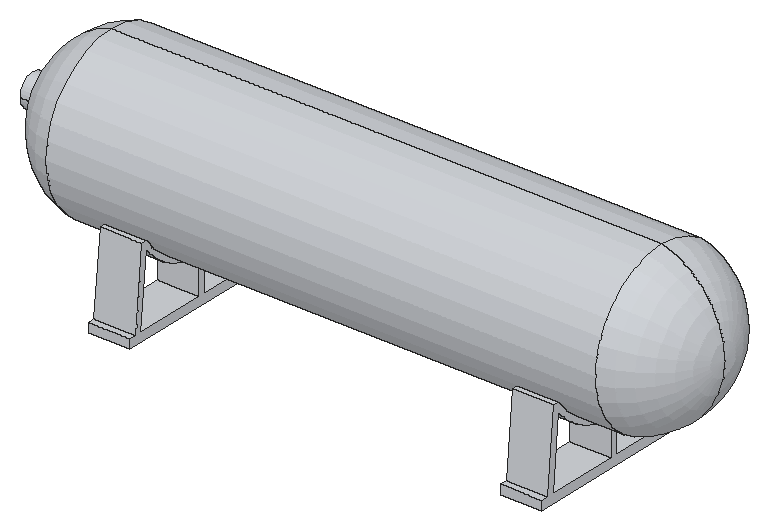
Revit family "c4518d3c72a142fa8a1d8c1f7368ae34", category Mechanical Equipment, Revit 2021
Family settings
  Round Connector Dimension = Use Radius
  Part Type = Normal
  OmniClass Number = 23.75.70.11.14
  OmniClass Title = Expansion Vessels
  Seek Item ID = Expansion Tank - Freestanding - Horizontal-0000-USA-ENU
  Work Plane-Based = No
  Always vertical = Yes
  Cut with Voids When Loaded = No
  Shared = No
  Room Calculation Point = No
Parameters (values of type "70 Gallon")
  Tank Radius = Tank Diameter / 2  # 0' - 9"
  Tank Length = 6' - 1 3/4"
  Tank Diameter = 1' - 6"
  Radius = Tank Radius + 0' 0 5/8"  # 0' - 9 5/8"
  Nominal Radius = 1 3/4"
  Nominal Diameter = Nominal Radius * 2  # 3 1/2"
  Length 5 = 0' - 8 1/8"
  Length 4 = 0' - 9"
  Length 3 = 0' - 9 3/4"
  Length 2 = 1' - 10 1/2"
  Length 1 = 5' - 0"
  Height 1 = 0' - 5 5/8"
  Freestanding Horizontal Expansion Tank Material = none
  Flow [instance] = 0 GPM
  Default Elevation = 0' - 0"
Types (5): name | Tank Radius | Tank Length | Tank Diameter | Radius | Length 5 | Length 4 | Length 3 | Length 2 | Length 1 | Height 1
  (no name) | 0' - 9" | 6' - 1 3/4" | 1' - 6" | 0' - 9 5/8" | 0' - 8 1/8" | 0' - 9" | 0' - 9 3/4" | 1' - 10 1/2" | 5' - 0" | 0' - 5 5/8"
  70 Gallon | 0' - 9" | 6' - 1 3/4" | 1' - 6" | 0' - 9 5/8" | 0' - 8 1/8" | 0' - 9" | 0' - 9 3/4" | 1' - 10 1/2" | 5' - 0" | 0' - 5 5/8"
  120 Gallon | 1' - 0" | 5' - 4 3/4" | 2' - 0" | 1' - 0 5/8" | 0' - 10 7/8" | 1' - 0" | 1' - 1 1/4" | 1' - 3 1/2" | 3' - 11" | 0' - 7 1/2"
  190 Gallon | 1' - 3" | 5' - 7 3/4" | 2' - 6" | 1' - 3 5/8" | 1' - 1 1/2" | 1' - 3" | 1' - 4 1/4" | 1' - 2 1/2" | 3' - 10" | 0' - 9 3/8"
  275 Gallon | 1' - 6" | 5' - 10 3/4" | 3' - 0" | 1' - 6 5/8" | 1' - 4 1/4" | 1' - 6" | 1' - 7 1/2" | 1' - 3 1/2" | 3' - 9" | 0' - 11 1/4"
Reference planes (in)
  plane 1 "Center (Front/Back)": y = 0
  plane 2: z = 0
  plane 3 "Center (Left/Right)": x = 0
  plane 4: z = 1
  plane 5: y = 9.75
  plane 6: y = -9.75
  plane 7: x = -22.5
  plane 8: x = 22.5
  plane 9: x = -24.75
  plane 10: x = -20.25
  plane 11: x = 14.70897
  plane 12: x = 24.75
  plane 13: x = 20.25
  plane 14: y = 8.125
  plane 15: y = -8.125
  plane 16: y = 9
  plane 17: y = -9
  plane 18: y = 8.375
  plane 19: y = 7.5
  plane 20: y = -7.5
  plane 21: y = -8.375
  plane 22: z = 5.625
  plane 23: z = 14.625
  plane 24: x = -36.875
  plane 25: x = 36.875
  plane 26: x = -30
  plane 27: x = 18.875
  plane 28: x = 30
  plane 29: z = 23.625
  plane 30: y = 0.3125
  plane 31: y = -0.3125
  plane 32: x = -38.625
Forms (in)
  Extrusion 1, solid, material <- "Freestanding Horizontal Expansion Tank Material"
    sketch origin (0, 0, 0) x (0, 1, 0) y (0, 0, 1)
      loop
        line (9.75, 1) -> (-9.75, 1) -> (-9.75, 0) -> (9.75, 0) -> (9.75, 1)
    from -24.75 to -20.25
  Extrusion 2, solid, material <- "Freestanding Horizontal Expansion Tank Material"
    sketch origin (0, 0, 0) x (0, 1, 0) y (0, 0, 1)
      loop
        line (9.75, 1) -> (-9.75, 1) -> (-9.75, 0) -> (9.75, 0) -> (9.75, 1)
    from 20.25 to 24.75
  Revolve 3, solid, material <- "Freestanding Horizontal Expansion Tank Material"
    sketch origin (0, 0, 0) x (1, 0, 0) y (0, 0, 1)
      loop
        line (-30, 5.625) -> (30, 5.625)
        arc (30, 5.625) -> (34.95961, 8.96228) -> (36.875, 14.625) r 9.32841
        line (36.875, 14.625) -> (-36.875, 14.625)
        arc (-36.875, 14.625) -> (-34.95961, 8.96228) -> (-30, 5.625) r 9.32841
      axis (-36.875, 14.625) -> (36.875, 14.625)
    angle from 0 to 360
  Extrusion 4, solid, material <- "Freestanding Horizontal Expansion Tank Material"
    sketch origin (0, 0, 0) x (0, 1, 0) y (0, 0, 1)
      loop
        arc (0.3125, 5.00514) -> (4.35797, 6.04319) -> (7.58286, 8.69713) r 9.62494
        line (7.58286, 8.69713) -> (8.375, 1) -> (9, 1) -> (8.125, 9.60382) -> (7.40471, 9.60382)
        arc (7.40471, 9.60382) -> (0, 5.67838) -> (-7.40471, 9.60382) r 8.94662
        line (-7.40471, 9.60382) -> (-8.125, 9.60382) -> (-9, 1) -> (-8.375, 1) -> (-7.58286, 8.69713)
        arc (-7.58286, 8.69713) -> (-4.35797, 6.04319) -> (-0.3125, 5.00514) r 9.62494
        line (-0.3125, 5.00514) -> (-0.3125, 0) -> (0.3125, 0) -> (0.3125, 5.00514)
    from 20.25 to 24.75
  Extrusion 5, solid, material <- "Freestanding Horizontal Expansion Tank Material"
    sketch origin (0, 0, 0) x (0, 1, 0) y (0, 0, 1)
      loop
        line (9, 1) -> (8.125, 9.59974) -> (7.40471, 9.59974)
        arc (7.40471, 9.59974) -> (0, 5.67609) -> (-7.40471, 9.59974) r 8.94891
        line (-7.40471, 9.59974) -> (-8.125, 9.59974) -> (-9, 1) -> (-8.375, 1) -> (-7.58286, 8.69305)
        arc (-7.58286, 8.69305) -> (-4.35764, 6.0402) -> (-0.3125, 5.00262) r 9.62745
        line (-0.3125, 5.00262) -> (-0.3125, 1) -> (0.3125, 1) -> (0.3125, 5.00262)
        arc (0.3125, 5.00262) -> (4.35764, 6.0402) -> (7.58286, 8.69305) r 9.62745
        line (7.58286, 8.69305) -> (8.375, 1) -> (9, 1)
    from -24.75 to -20.25
  Extrusion 6, solid, material <- "Freestanding Horizontal Expansion Tank Material"
    sketch origin (0, 0, 0) x (0, 1, 0) y (0, 0, 1)
      loop
        circle (0, 14.625) r 1.75
    from -38.625 to -24.75
  Extrusion 7, solid, material <- "Freestanding Horizontal Expansion Tank Material", detail levels coarse
    sketch origin (0, 0, 0) x (0, 1, 0) y (0, 0, 1)
      loop
        line (-8.12844, 9.47048) -> (-9, 1) -> (9, 1) -> (8.12844, 9.47048)
        arc (8.12844, 9.47048) -> (0, 5) -> (-8.12844, 9.47048) r 9.625
    from -24.75 to -20.25
  Extrusion 8, solid, material <- "Freestanding Horizontal Expansion Tank Material", detail levels coarse
    sketch origin (0, 0, 0) x (0, 1, 0) y (0, 0, 1)
      loop
        arc (8.12844, 9.47048) -> (0, 5) -> (-8.12844, 9.47048) r 9.625
        line (-8.12844, 9.47048) -> (-9, 1) -> (9, 1) -> (8.12844, 9.47048)
    from 20.25 to 24.75
Cuts and joins
  joined: Revolve 3, Extrusion 6
  joined: Extrusion 1, Extrusion 2, Extrusion 4, Extrusion 5
Dimensions and locks (in)
  locked: plane 4 to plane 2 at 1
  "Length 3": plane 5 to plane 1 "Center (Front/Back)"
  "Length 3": plane 1 "Center (Front/Back)" to plane 6
  "Length 2": plane 3 "Center (Left/Right)" to plane 7
  "Length 2": plane 8 to plane 3 "Center (Left/Right)"
  locked: plane 7 to plane 9 at 2.25
  locked: plane 10 to plane 7 at 2.25
  locked: plane 8 to plane 11 at 7.79103
  locked: plane 12 to plane 8 at 2.25
  locked: plane 8 to plane 13 at 2.25
  "Length 5": plane 14 to plane 1 "Center (Front/Back)"
  "Length 5": plane 1 "Center (Front/Back)" to plane 15
  "Length 4": plane 16 to plane 1 "Center (Front/Back)"
  "Length 4": plane 1 "Center (Front/Back)" to plane 17
  locked: plane 16 to plane 18 at 0.625
  locked: plane 14 to plane 19 at 0.625
  locked: plane 20 to plane 15 at 0.625
  locked: plane 21 to plane 17 at 0.625
  "Height 1": plane 22 to plane 2
  equal spacing: plane 25, plane 3 "Center (Left/Right)", plane 24
  "Tank Length": plane 25 to plane 24
  equal spacing: plane 28, plane 3 "Center (Left/Right)", plane 26
  "Length 1": plane 28 to plane 26
  "Tank Radius": plane 23 to plane 22
  "Tank Radius": plane 29 to plane 23
  locked: plane 30 to plane 1 "Center (Front/Back)" at 0.3125
  locked: plane 1 "Center (Front/Back)" to plane 31 at 0.3125
  locked: plane 24 to plane 32 at 1.75
  "Nominal Radius": radius of Extrusion 6 sketch curve
  "Radius": radius of Extrusion 7 sketch curve
  "Radius": radius of Extrusion 8 sketch curve
  aligned and locked: plane 5 to Extrusion 1 sketch curve
  aligned and locked: plane 4 to Extrusion 1 sketch curve
  aligned and locked: plane 2 to Extrusion 1 sketch curve
  aligned and locked: plane 6 to Extrusion 1 sketch curve
  aligned and locked: Extrusion 1 to plane 9
  aligned and locked: plane 10 to Extrusion 1
  aligned and locked: Extrusion 2 sketch curve to Extrusion 1  (x3)
  aligned and locked: Extrusion 1 to Extrusion 2 sketch curve
  aligned and locked: plane 12 to Extrusion 2
  aligned and locked: Extrusion 2 to plane 13
  aligned and locked: Revolve 3 sketch curve to plane 22
  aligned and locked: plane 26 to Revolve 3 sketch curve
  aligned and locked: plane 28 to Revolve 3 sketch curve
  aligned and locked: plane 24 to Revolve 3 sketch curve
  aligned and locked: plane 25 to Revolve 3 sketch curve
  aligned and locked: Revolve 3 sketch curve to plane 23  (x2)
  aligned and locked: plane 1 "Center (Front/Back)" to Extrusion 4 sketch curve  (x2)
  aligned and locked: plane 23 to Extrusion 4 sketch curve
  aligned and locked: Extrusion 4 sketch curve to plane 30
  aligned and locked: Extrusion 4 sketch curve to plane 31
  aligned and locked: Extrusion 1 to Extrusion 4 sketch curve  (x2)
  aligned and locked: plane 30 to Extrusion 4 sketch curve
  aligned and locked: plane 31 to Extrusion 4 sketch curve
  aligned and locked: plane 16 to Extrusion 4 sketch curve
  aligned and locked: plane 18 to Extrusion 4 sketch curve
  aligned and locked: Extrusion 4 sketch curve to plane 4  (x2)
  aligned and locked: plane 21 to Extrusion 4 sketch curve
  aligned and locked: plane 17 to Extrusion 4 sketch curve
  aligned and locked: Extrusion 5 sketch curve to plane 4  (x2)
  aligned and locked: plane 16 to Extrusion 5 sketch curve
  aligned and locked: plane 18 to Extrusion 5 sketch curve
  aligned and locked: plane 17 to Extrusion 5 sketch curve
  aligned and locked: plane 21 to Extrusion 5 sketch curve
  aligned and locked: Extrusion 5 sketch curve to plane 30
  aligned and locked: Extrusion 1 to Extrusion 5 sketch curve  (x2)
  aligned and locked: Extrusion 5 sketch curve to plane 31
  aligned and locked: plane 31 to Extrusion 5 sketch curve
  aligned and locked: plane 30 to Extrusion 5 sketch curve
  aligned and locked: Extrusion 1 to Extrusion 5  (x2)
  aligned and locked: plane 12 to Extrusion 4
  aligned and locked: Extrusion 4 to plane 13
  aligned and locked: plane 23 to Extrusion 6 sketch curve
  aligned and locked: plane 1 "Center (Front/Back)" to Extrusion 6 sketch curve
  aligned and locked: Extrusion 6 to plane 32
  aligned and locked: Extrusion 6 to Extrusion 1
  aligned and locked: plane 16 to Extrusion 7 sketch curve
  aligned and locked: plane 17 to Extrusion 7 sketch curve
  aligned and locked: Extrusion 7 sketch curve to plane 4
  aligned and locked: Extrusion 1 to Extrusion 7  (x2)
  aligned and locked: plane 16 to Extrusion 8 sketch curve
  aligned and locked: plane 17 to Extrusion 8 sketch curve
  aligned and locked: Extrusion 8 sketch curve to plane 4
  aligned and locked: plane 12 to Extrusion 8
  aligned and locked: Extrusion 8 to plane 13
  aligned and locked: plane 23 to Extrusion 7 sketch curve
  aligned and locked: plane 1 "Center (Front/Back)" to Extrusion 7 sketch curve
  aligned and locked: plane 23 to Extrusion 8 sketch curve
  aligned and locked: plane 1 "Center (Front/Back)" to Extrusion 8 sketch curve
Automatic sketch dimensions
  plane 25 to Revolve 3 sketch curve = 0' - 7"
  Revolve 3 sketch curve to Revolve 3 sketch curve = 1' - 3"
  Extrusion 4 sketch curve to Extrusion 4 sketch curve = 0' - 0"  (x3)
  Extrusion 4 sketch curve to plane 15 = 0' - 0"
  Extrusion 4 sketch curve to plane 14 = 0' - 0"
  plane 20 to Extrusion 4 sketch curve = 0' - 0.08286"
  Extrusion 4 sketch curve to plane 20 = 0' - 0.09529"
  plane 19 to Extrusion 4 sketch curve = 0' - 0.09529"
  Extrusion 4 sketch curve to plane 19 = 0' - 0.08286"
  Extrusion 4 sketch curve to plane 22 = 0' - 0.61986"  (x2)
  Extrusion 4 sketch curve to Extrusion 4 sketch curve = 0' - 0.90669"
  Extrusion 5 sketch curve to Extrusion 5 sketch curve = 0' - 0"  (x4)
  Extrusion 5 sketch curve to plane 15 = 0' - 0"
  Extrusion 5 sketch curve to plane 1 "Center (Front/Back)" = 0' - 0"
  Extrusion 5 sketch curve to plane 14 = 0' - 0"
  Extrusion 5 sketch curve to plane 23 = 0' - 0"
  plane 20 to Extrusion 5 sketch curve = 0' - 0.08286"
  Extrusion 5 sketch curve to plane 20 = 0' - 0.09529"
  plane 19 to Extrusion 5 sketch curve = 0' - 0.09529"
  Extrusion 5 sketch curve to plane 19 = 0' - 0.08286"
  Extrusion 5 sketch curve to plane 22 = 0' - 0.62238"  (x2)
  Extrusion 5 sketch curve to Extrusion 5 sketch curve = 0' - 0.90669"
  plane 15 to Extrusion 7 sketch curve = 0' - 0.00344"
  Extrusion 7 sketch curve to plane 14 = 0' - 0.00344"
  plane 15 to Extrusion 8 sketch curve = 0' - 0.00344"
  Extrusion 8 sketch curve to plane 14 = 0' - 0.00344"
Connectors (in)
  piping at (-38.625, 0, 14.625), diameter 3.5, driven by "Nominal Radius", driven by "Flow"
    settings: on Extrusion 6, index 1, connector inside diameter 3 1/2", connector length 0' - 0", flow factor 0, pipe flow 0 GPM, pressure drop 0.00 psi, fitting loss kfactor 0, connector angle 0.00°, fixture units 0, engagement length 0' - 0", angle of deflection 0.00°, flow configuration 0, flow direction 2, fitting loss method 0, system type 29, joint type 0, gender type 0, connector reference index -1, connector utility 0, adjustable connector no, is connector primary yes, connector description "Tank Out"
